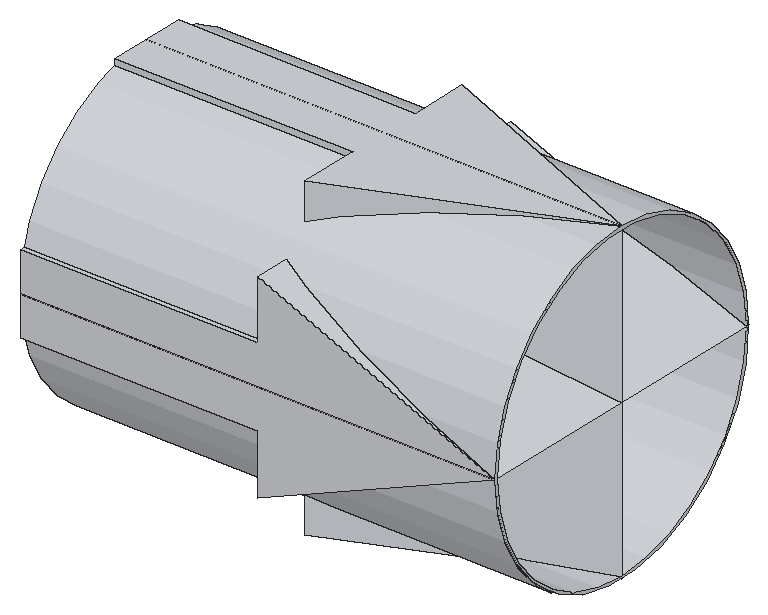
Revit family "Pipe Label", category Pipe Accessories, Revit 2021
Family settings
  Round Connector Dimension = Use Diameter
  Part Type = Normal
  Work Plane-Based = Yes
  Always vertical = Yes
  Cut with Voids When Loaded = No
  Shared = No
Parameters
  TS_Point_Number [instance] = GTP_PointNumber_0  # ""
  TS_Point_Description [instance] = "WS"
  Radius [instance] = Oversize Diameter / 2  # 0' - 1"
  Oversize Diameter [instance] = Diameter + 0' 1"  # 0' - 2"
  Negative Radius [instance] = (Oversize Diameter / 2) * (-1)  # -0' - 1"
  Length [instance] = 0' - 3"
  Inner Diameter [instance] = Oversize Diameter - 0' 0 1/32"  # 0' - 1 31/32"
  GTP_PointRole_0 [instance] = ""
  GTP_PointNumber_0 [instance] = ""
  GTP_PointElement_0 [instance] = ""
  GTP_LinkedParam_0 [instance] = "GTP_PointNumber_0"
  Diameter [instance] = 0' - 1"
  Default Elevation = 4' - 0"
Reference planes (in)
  plane 1 "Center (Front/Back)": y = 0
  plane 2: z = 0
  plane 3 "Center (Left/Right)": x = 0
  plane 4: x = -1.5
  plane 5: x = 1.5
Forms (in)
  Extrusion 1, solid
    sketch origin (0, 0, 3) x (0, 1, 0) y (0, 0, 1)
      loop
        circle (0, -3) r 1
      loop
        circle (0, -3) r 0.98438
    from -1.5 to 1.5
  Extrusion 2, solid
    sketch origin (0, 0, 0) x (1, 0, 0) y (0, 1, 0)
      loop
        line (-1.5, -0.25) -> (0, -0.25) -> (0, -0.625) -> (1.5, 0) -> (0, 0.61206) -> (0, 0.25) -> (-1.5, 0.25) -> (-1.5, -0.25)
    from -1 <- "Negative Radius" to 1 <- "Radius"
  Extrusion 3, solid
    sketch origin (0, 0, 0) x (1, 0, 0) y (0, 0, 1)
      loop
        line (0, 0.625) -> (0, 0.25) -> (-1.5, 0.25) -> (-1.5, -0.25) -> (0, -0.25) -> (0, -0.625) -> (1.5, 0) -> (0, 0.625)
    from -1 <- "Negative Radius" to 1 <- "Radius"
Dimensions and locks (in)
  equal spacing: plane 4, plane 3 "Center (Left/Right)", plane 5
  "Length": plane 4 to plane 5
  "Oversize Diameter": diameter of Extrusion 1 sketch curve
  "Inner Diameter": diameter of Extrusion 1 sketch curve
  aligned and locked: plane 2 to level
  aligned and locked: Extrusion 1 to plane 4
  aligned and locked: plane 5 to Extrusion 1
Automatic sketch dimensions
  Extrusion 2 sketch curve to plane 4 = 0' - 0"
  Extrusion 2 sketch curve to plane 3 "Center (Left/Right)" = 0' - 0"  (x2)
  plane 1 "Center (Front/Back)" to Extrusion 2 sketch curve = 0' - 0"
  Extrusion 2 sketch curve to plane 5 = 0' - 0"
  plane 1 "Center (Front/Back)" to Extrusion 2 sketch curve = 0' - 0 1/4"
  Extrusion 2 sketch curve to plane 1 "Center (Front/Back)" = 0' - 0 1/4"
  Extrusion 2 sketch curve to Extrusion 2 sketch curve = 0' - 0 3/8"
  Extrusion 2 sketch curve to Extrusion 2 sketch curve = 0' - 0.36206"
  Extrusion 3 sketch curve to plane 4 = 0' - 0"
  Extrusion 3 sketch curve to plane 3 "Center (Left/Right)" = 0' - 0"  (x2)
  Extrusion 3 sketch curve to level = 0' - 0"
  Extrusion 3 sketch curve to plane 5 = 0' - 0"
  Extrusion 3 sketch curve to level = 0' - 0 1/4"
  level to Extrusion 3 sketch curve = 0' - 0 1/4"
  Extrusion 3 sketch curve to Extrusion 3 sketch curve = 0' - 0 3/8"  (x2)
  Extrusion 1 sketch curve to Extrusion 1 sketch curve = 0' - 0"  (x2)
  Extrusion 1 sketch curve to level = 0' - 0"
  Extrusion 1 sketch curve to plane 1 "Center (Front/Back)" = 0' - 0"
